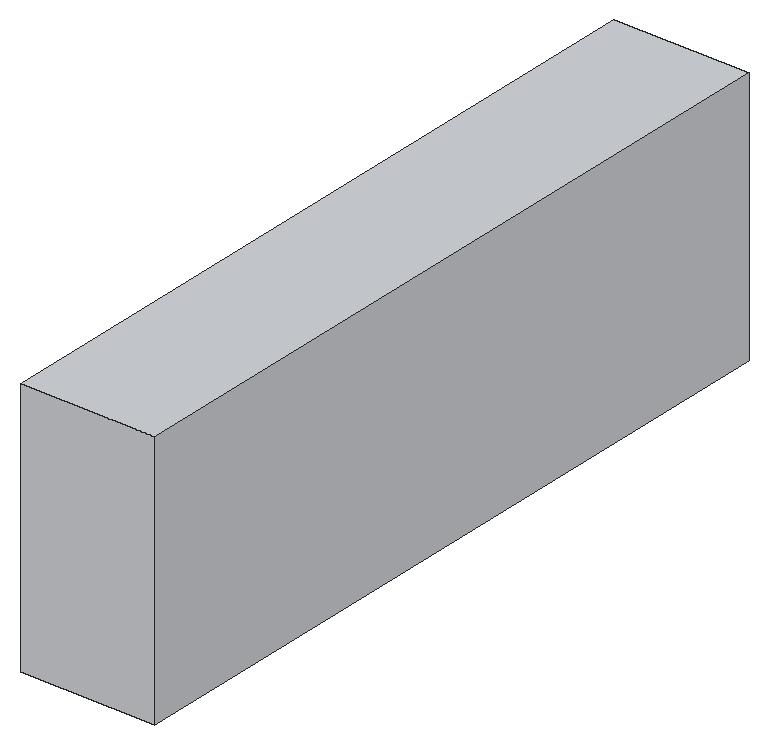
Revit family "4f9fb4bcec424507b5543467c90f555f", category Duct Accessories, Revit 2021
Family settings
  Round Connector Dimension = Use Diameter
  Part Type = Attaches To
  OmniClass Number = 23.85.30.21.11.11.11
  OmniClass Title = Smoke Detectors
  Seek Item ID = Duct Smoke Detector-0000-USA-ENU
  Work Plane-Based = No
  Always vertical = Yes
  Cut with Voids When Loaded = No
  Shared = No
Parameters (values of type "Rectangular")
  Width = 1' - 2 97/256"
  Length = 0' - 2 77/128"
  Label = "S"
  Height = 0' - 5"
  Default Elevation = 0' - 0"
  Assembly Code = ""
Types (2): name | Width | Length | Height
  Rectangular | 1' - 2 97/256" | 0' - 2 77/128" | 0' - 5"
  Square | 0' - 7 3/4" | 0' - 2 1/2" | 0' - 9"
Reference planes (in)
  plane 1 "Center (Front/Back)": y = 0
  plane 2: z = 0
  plane 3 "Center (Left/Right)": x = 0
  plane 4: x = 2.60156
Forms (in)
  Extrusion 1, solid
    sketch origin (0, 0, 0) x (0, 1, 0) y (0, 0, 1)
      loop
        line (7.18945, 2.5) -> (-7.18945, 2.5) -> (-7.18945, -2.5) -> (7.18945, -2.5) -> (7.18945, 2.5)
    from 0 to 2.60156
Lines and regions (in)
  symbolic lines, detail levels fine
    curve 1: line (2.60156, 7.18945, 0) -> (0, 7.18945, 0)
    curve 2: line (2.60156, -7.18945, 0) -> (2.60156, 7.18945, 0)
    curve 3: line (0, -7.18945, 0) -> (2.60156, -7.18945, 0)
    curve 4: line (0, 7.18945, 0) -> (0, -7.18945, 0)
Dimensions and locks (in)
  equal spacing: Extrusion 1 sketch curve, plane 1 "Center (Front/Back)", Extrusion 1 sketch curve
  equal spacing: Extrusion 1 sketch curve, level, Extrusion 1 sketch curve
  "Height": Extrusion 1 sketch curve to Extrusion 1 sketch curve
  "Width": Extrusion 1 sketch curve to Extrusion 1 sketch curve
  "Length": plane 4 to plane 3 "Center (Left/Right)"
  aligned and locked: plane 4 to Extrusion 1
  aligned and locked: Extrusion 1 to plane 3 "Center (Left/Right)"
  aligned and locked: curve 1 to Extrusion 1
  aligned and locked: curve 2 to Extrusion 1
  aligned and locked: curve 3 to Extrusion 1
  aligned and locked: curve 4 to Extrusion 1
  aligned and locked: plane 1 "Center (Front/Back)" to nested 1
  aligned and locked: plane 3 "Center (Left/Right)" to nested 1
Nested families (in)
  nested 1: "Duct Detector Annotation" at (0, 0, 0), type "Duct Detector Annotation", detail levels coarse+medium
Connectors (in)
  hvac at (0, 0, 0), driven by "Height", driven by "Width"
    settings: on Extrusion 1, index 0, duct flow 0 CFM, flow factor 0, pres drop 0.00 in-wg, loss coef 0, conn angle 0.00°, conn width 14 97/256", conn height 5", conn diameter 24", duct sys type 28, conn prof type 1, flow config 0, flow direction 0, loss method 0, conn ref index -1, conn util no, is conn primary yes, conn desc ""
  electrical at (2.60156, 0, 0)
    settings: on Extrusion 1, index 1, voltage 0 V, apparent load 0 VA, apparent load phase1 0 VA, apparent load phase2 0 VA, apparent load phase3 0 VA, power factor 1, load classification "Other", number of poles 1, system type 11, power factor state 1, is connector primary yes, connector utility no, sub classification motor no, connector description ""
Definition of nested family "Duct Detector Annotation"
  Parameters
    Label Annotation 2 = "D"
    Label Annotation 1 = "H"
  Reference planes (in)
    plane 1: y = 0
    plane 2: x = 0
  Lines and regions (in)
    reference lines
      curve 1: line (-0.59408, 0.0625, 0) -> (1.03342, 0.0625, 0)
      curve 8: line (0.42913, 0.11587, 0) -> (0.42913, -0.14391, 0)
    detail lines
      curve 2: line (0, 0.0625, 0) -> (-0.05413, 0.03125, 0)
      curve 3: line (-0.05413, 0.03125, 0) -> (-0.05413, -0.03125, 0)
      curve 4: line (-0.05413, -0.03125, 0) -> (0, -0.0625, 0)
      curve 5: line (0, -0.0625, 0) -> (0.05413, -0.03125, 0)
      curve 6: line (0.05413, -0.03125, 0) -> (0.05413, 0.03125, 0)
      curve 7: line (0.05413, 0.03125, 0) -> (0, 0.0625, 0)
      curve 9: line (0.05413, 0.01563, 0) -> (0.42913, 0.01562, 0)
      curve 10: line (0.05413, -0.01563, 0) -> (0.42913, -0.01562, 0)
  Text (in)
    label "H" at (-0.02775, 0.00018, 0), shows "Label Annotation 1"
    label "D" at (0.05408, -0.06996, 0), shows "Label Annotation 2"
  Dimensions and locks (in)
    locked: plane 1 to curve 1 at 0.0625
    locked: curve 6 to curve 8 at 0.375
    locked: plane 1 to curve 9 at 0.01562
    locked: curve 10 to curve 9 at 0.03125
    aligned and locked: curve 8 to curve 9
    aligned and locked: curve 6 to curve 9
